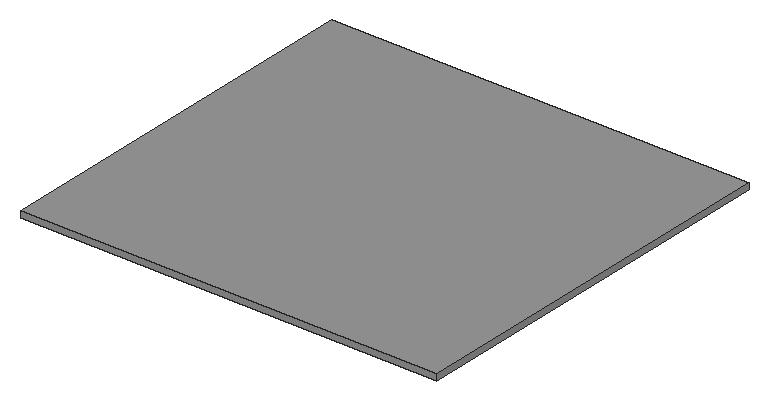
Revit family "ROTHOB_Rothoblaas_Membrane_Traspir150", category Structural Connections, host Face, Revit 2020
Family settings
  Host = Face
  Material for Model Behavior = Other
  OmniClass Number = 23.13.25.25
  OmniClass Title = Air Barriers
  Enable cutting in views = Yes
  Cut with Voids When Loaded = No
  Shared = No
Parameters (values of type "WIDTHxHEIGHTmm")
  WaterVapourTransmition_Sd = "0,02 m"  # constant formula
  WarrantyStartDate [instance] = ""
  WarrantyGuarantorParts = "n/a"  # constant formula
  WarrantyGuarantorLabor = "n/a"  # constant formula
  WarrantyDurationUnit = "n/a"  # constant formula
  WarrantyDurationParts = "n/a"  # constant formula
  WarrantyDurationLabor = "n/a"  # constant formula
  WarrantyDescription = "n/a"  # constant formula
  Version = "1"  # constant formula
  UniClass2015Version = "Products v1.33"  # constant formula
  UniClass2015Title = "Polypropylene vapour-permeable sheets"  # constant formula
  UniClass2015Code = "Pr_25_57_10_66"  # constant formula
  UVStability = "336h (3 months)"  # constant formula
  Tipo IFC predefinito = "USERDEFINED"  # constant formula
  SustainabilityPerformance = "n/a"  # constant formula
  Size = "n/a"  # constant formula
  Shape = "Bidimensional"  # constant formula
  Revision = "n/a"  # constant formula
  ReplacementCost = "n/a"  # constant formula
  ReactionFire = "class E"  # constant formula
  ObjectMaterial = ROTHOB_Rothoblaas_Polypropylene
  NominalWidth = "n/a"  # constant formula
  NominalHeight = "n/a"  # constant formula
  MassUnitArea = "150 g/m2"  # constant formula
  Default Elevation = 1.2192 m
  ProductInformation = "https://www.rothoblaas.com/products/airtightness-and-waterproofing/membranes/traspir/traspir-150"  # constant formula
  OmniClassVersion = "2012-05-16"  # constant formula
  OmniClassTitle = "Air Barriers"  # constant formula
  OmniClassCode = "23.13.25.25"  # constant formula
  NominalLength = "n/a"  # constant formula
  InstallationDate [instance] = ""
  Height_H [instance] = 0.066842 m
  Name = "Membrane"  # constant formula
  ModelReference = "n/a"  # constant formula
  ModelNumber = "n/a"  # constant formula
  ModelDisclaimer = "The latest version of the data sheets can be found on our website"  # constant formula
  Material = "Polypropylene"  # constant formula
  ManufacturerURL = "www.rothoblaas.com"  # constant formula
  ManufacturerName = "ROTHO BLAAS SRL"  # constant formula
  Manufacturer = "info@rothoblaas.com"  # constant formula
  IfcExportType = "USERDEFINED"  # constant formula
  IfcExportAs = "IfcBuildingElementProxyType"  # constant formula
  CSTBTitle = "Ecrans souples de sous-toiture"  # constant formula
  CSTBCode = "QB25 16-006 "  # constant formula
  Length_L [instance] = 0.071483 m
  Grade = "n/a"  # constant formula
  Finish = "Non-woven PP fabric"  # constant formula
  Features = "Flexible sheets for waterproofing"  # constant formula
  ExpectedLife = "n/a"  # constant formula
  Esporta tipo in formato IFC con nome = "IfcBuildingElementProxyType"  # constant formula
  DurationUnit = "Years"  # constant formula
  Description = "Highly breathable membrane"  # constant formula
  Constituents = "n/a"  # constant formula
  Color = "Grey"  # constant formula
  CodePerformance = "CE - Construction products"  # constant formula
  Category = "Pr_25_57_10_66 - Polypropylene vapour-permeable sheets"  # constant formula
  CETitle = "n/a"  # constant formula
  CECode = "EN 13859-1/2"  # constant formula
  BIMObjectName = "ROTHOB_Rothoblaas_Membrane_Traspir150"  # constant formula
  BBATitle = "Roofing and timber frame"  # constant formula
  BBACode = "21/5977"  # constant formula
  Author = "Vitor Ferronato"  # constant formula
  AssetType = "n/a"  # constant formula
  AccessibilityPerformance = "n/a"  # constant formula
Reference planes (m)
  plane 1 "Centro (Fronte/Retro)": y = 0
  plane 2: z = 0
  plane 3 "Centro (Sinistra/Destra)": x = 0
  plane 4: y = 0.033421
  plane 5: y = -0.033421
  plane 6: x = -0.035741
  plane 7: x = 0.035741
Forms (m)
  Extrusion 1, solid, material "ROTHOB_Rothoblaas_Polypropylene" <- "ObjectMaterial"
    sketch origin (0, 0, 0) x (1, 0, 0) y (0, 1, 0)
      loop
        line (-0.035741, 0.033421) -> (-0.035741, -0.033421) -> (0.035741, -0.033421) -> (0.035741, 0.033421) -> (-0.035741, 0.033421)
    from 0 to 0.001
Dimensions and locks (m)
  equal spacing: host sketch curve, plane 3 "Centro (Sinistra/Destra)", host sketch curve
  host sketch curve to host sketch curve = 0.183468 m
  equal spacing: host sketch curve, plane 1 "Centro (Fronte/Retro)", host sketch curve
  host sketch curve to host sketch curve = 0.124634 m
  equal spacing: plane 6, plane 3 "Centro (Sinistra/Destra)", plane 7
  "Length_L": plane 6 to plane 7
  equal spacing: plane 4, plane 1 "Centro (Fronte/Retro)", plane 5
  "Height_H": plane 5 to plane 4
  aligned and locked: plane 2 to host face
  aligned and locked: level to host face
  aligned and locked: Extrusion 1 sketch curve to plane 4
  aligned and locked: Extrusion 1 sketch curve to plane 5
  aligned and locked: plane 7 to Extrusion 1 sketch curve
  aligned and locked: plane 6 to Extrusion 1 sketch curve
